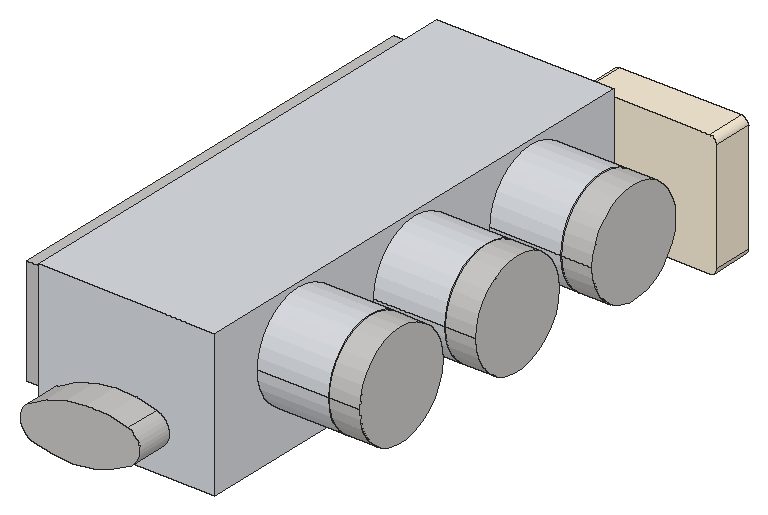
Revit family "HVAC_Ductwork_Airzone_Motorized-Plenum_Samsung_Low-Profile_3-Dampers", category Mechanical Equipment, Revit 2016
Family settings
  Part Type = Normal
  Round Connector Dimension = Use Diameter
  OmniClass Number = 23.75.70.14
  OmniClass Title = Air Ductwork
  Work Plane-Based = No
  Always vertical = Yes
  Cut with Voids When Loaded = No
  Shared = No
  Room Calculation Point = No
Parameters (values of type "SAMSL03S3")
  Voltage = 230 V
  URL = "www.airzone.es"
  Type Image Comments = "Image available in product documentation download"  # constant formula
  Revit Model Version = "1.0"  # constant formula
  Revit Model Author URL = "www.a3d.es"
  Revit Model Author = "A3D Consulting"  # constant formula
  Product Documentation Download URL = "http://doc.airzone.es/BIM/Easyzone/Samsung-Airzone_motorized_plenum.zip"
  Product Comments = "Refer to technical documentation for further details"  # constant formula
  Power Factor = 1
  Neck Width = 663.600 mm
  Neck Length = 40.000 mm
  Neck Height = 155.600 mm
  Material = Metal - AIRZONE - Galvanized Sheet - Semi-polished
  Main Control Board Material = Plastic - AIRZONE - Smooth - Off-white
  Load Classification = Other
  Insulated Body Width = 255.000 mm  # constant formula
  Insulated Body Material = Metal -AIRZONE - Insulating Lining -Aluminum Finish
  Insulated Body Length = 720.000 mm  # constant formula
  Insulated Body Height = 210.000 mm  # constant formula
  Flow [instance] = Damper 3 Air Flow + Damper 2 Air Flow + Damper 1 Air Flow - Fresh Air Inlet 2 Flow - Fresh Air Inlet 1 Flow  # 900 m³/h
  Fresh Air Inlet 1 Flow [instance] = 0 m³/h
  Fresh Air Inlet 2 Flow [instance] = 0 m³/h
  Fresh Air Inlet Connection Width = 175.000 mm
  Fresh Air Inlet Connection Height = 75.000 mm
  Model = "SAMSL03S3"
  Neck Side Offset = 28.200 mm
  Neck Bottom Offset = 32.700 mm
  Type Image = <None>
  Manufacturer = "AIRZONE"  # constant formula
  Main Control Board Depth = 57.000 mm  # constant formula
  Main Control Board Width = 195.000 mm  # constant formula
  Main Control Board Height = 180.000 mm  # constant formula
  Fixing = ""
  Disclaimer = "All information provided in this model is reviewed before being published. However, Airzone cannot guarantee this model is error-free, therefore users are strongly encouraged to check for technical documentation and updates"  # constant formula
  Description = "Airzone low profile motorized plenum with neck that mechanically adapts to the main ducted AC units of Samsung."
  Type Comments = ""
  Dampers Length = 149.000 mm  # constant formula
  Dampers Diameter = 150.000 mm  # constant formula
  Damper 1 Air Flow [instance] = 300 m³/h
  Damper 2 Air Flow [instance] = 300 m³/h
  Damper 3 Air Flow [instance] = 300 m³/h
  Fresh Air Inlet Connection Offset Height = 48.305 mm  # constant formula
  Compatible Accesories = ""
  Apparent Load = 57.5 VA
Reference planes
  plane 1 "Center (Front/Back)": y = 0
  plane 2 "Center (Elevation)": z = 0
  plane 3 "Center (Left/Right)": x = 0
  plane 4 "Neck Back": y = 331.8
  plane 5 "Neck Front": y = -331.8
  plane 6 "Neck Top": z = 77.8
  plane 7 "Neck Bottom": z = -77.8
  plane 8 "Left": x = 40
  plane 9 "Bottom": z = -110.5
  plane 10 "Top": z = 99.5
  plane 11 "Front": y = -360
  plane 12 "Back": y = 360
  plane 13 "Right": x = 295
  plane 14 "Dampers Front": x = 444
  plane 15 "Dampers Center (Elevation)": z = 19.5
  plane 16 "Damper3": y = -210
  plane 17 "Damper2": y = 0
  plane 18 "Damper1": y = 210
  plane 19 "Middle": y = 0
  plane 20 "FreshAir Center (Elevation)": z = -62.195
  plane 21 "FreshAir1": y = 412.5
  plane 22 "FreshAir2": y = -412.5
  plane 23 "Dampers Lining": x = 399
  plane 24 "FreshAir Vertical Axis": x = 142.04
  plane 25 "ConnectionBox Side": x = 249
  plane 26 "Main Control Board Center (Left/Right)": x = 346.5
Forms (mm)
  Extrusion 1, solid, material "Metal - AIRZONE - Galvanized Sheet - Semi-polished" <- "Material"
    sketch origin (0, 0, 0) x (0, 1, 0) y (0, 0, 1)
      loop
        line (-331.8, 77.8) -> (-331.8, -77.8) -> (331.8, -77.8) -> (331.8, 77.8) -> (-331.8, 77.8)
    from 0 to 40
  Extrusion 2, solid, material "Metal -AIRZONE - Insulating Lining -Aluminum Finish" <- "Insulated Body Material"
    sketch origin (40, 0, 0) x (0, 1, 0) y (0, 0, 1)
      loop
        line (-360, 99.5) -> (-360, -110.5) -> (360, -110.5) -> (360, 99.5) -> (-360, 99.5)
    from 0 to 255
  Extrusion 3, solid, material "Metal - AIRZONE - Galvanized Sheet - Semi-polished" <- "Material"
    sketch origin (295, 0, 0) x (0, 1, 0) y (0, 0, 1)
      loop
        circle (-210, 19.5) r 75
    from 104 to 149
  Extrusion 4, solid, material "Metal - AIRZONE - Galvanized Sheet - Semi-polished" <- "Material"
    sketch origin (295, 0, 0) x (0, 1, 0) y (0, 0, 1)
      loop
        circle (0, 19.5) r 75
    from 104 to 149
  Extrusion 5, solid, material "Metal - AIRZONE - Galvanized Sheet - Semi-polished" <- "Material"
    sketch origin (295, 0, 0) x (0, 1, 0) y (0, 0, 1)
      loop
        circle (210, 19.5) r 75
    from 104 to 149
  Extrusion 6, solid, material "Metal - AIRZONE - Galvanized Sheet - Semi-polished" <- "Material"
    sketch origin (0, -360, 0) x (0, 0, 1) y (1, 0, 0)
      loop
        arc (-29.641, 211.414) -> (-51.108, 228.315) -> (-75.812, 216.644) r 25.96
        arc (-75.812, 216.644) -> (-101.802, 146.808) -> (-94.349, 72.666) r 164.67
        arc (-94.349, 72.666) -> (-73.165, 55.799) -> (-48.494, 66.961) r 25.96
        arc (-48.494, 66.961) -> (-22.225, 136.99) -> (-29.641, 211.414) r 164.67
    from 0 to -52.5
  Extrusion 7, solid, material "Metal - AIRZONE - Galvanized Sheet - Semi-polished" <- "Material"
    sketch origin (0, 360, 0) x (0, 0, 1) y (1, 0, 0)
      loop
        arc (-29.641, 211.414) -> (-50.825, 228.281) -> (-75.496, 217.119) r 25.96
        arc (-75.496, 217.119) -> (-101.679, 147.74) -> (-94.767, 73.909) r 164.67
        arc (-94.767, 73.909) -> (-73.532, 55.847) -> (-48.178, 67.436) r 25.96
        arc (-48.178, 67.436) -> (-22.188, 137.272) -> (-29.641, 211.414) r 164.67
    from 0 to 52.5
  Extrusion 8, solid, material "Metal -AIRZONE - Insulating Lining -Aluminum Finish" <- "Insulated Body Material"
    sketch origin (295, 0, 0) x (0, 1, 0) y (0, 0, 1)
      loop
        circle (210, 19.5) r 75
    from 0 to 104
  Extrusion 9, solid, material "Metal -AIRZONE - Insulating Lining -Aluminum Finish" <- "Insulated Body Material"
    sketch origin (295, -260, 0) x (0, 1, 0) y (0, 0, 1)
      loop
        circle (260, 19.5) r 75
    from 0 to 104
  Extrusion 10, solid, material "Metal -AIRZONE - Insulating Lining -Aluminum Finish" <- "Insulated Body Material"
    sketch origin (295, -520, 0) x (0, 1, 0) y (0, 0, 1)
      loop
        circle (310, 19.5) r 75
    from 0 to 104
Lines and regions (mm)
  Masking region 1
    outline origin (0, 0, 0) x (1, 0, 0) y (0, 1, 0)
      loop
        line (40, 360) -> (40, -360) -> (295, -360) -> (295, 360) -> (40, 360)
  Masking region 2, detail levels medium+fine
    outline origin (0, 0, 0) x (1, 0, 0) y (0, 1, 0)
      loop
        line (0, 331.8) -> (0, -331.8) -> (40, -331.8) -> (40, 331.8) -> (0, 331.8)
  Masking region 3, detail levels medium+fine
    outline origin (0, 0, 0) x (1, 0, 0) y (0, 1, 0)
      loop
        line (295, -135) -> (295, -285) -> (444, -285) -> (444, -135) -> (295, -135)
  Masking region 4, detail levels medium+fine
    outline origin (0, 260, 0) x (1, 0, 0) y (0, 1, 0)
      loop
        line (295, -185) -> (295, -335) -> (444, -335) -> (444, -185) -> (295, -185)
  Masking region 5, detail levels medium+fine
    outline origin (0, 520, 0) x (1, 0, 0) y (0, 1, 0)
      loop
        line (295, -235) -> (295, -385) -> (444, -385) -> (444, -235) -> (295, -235)
  Masking region 6, detail levels medium+fine
    outline origin (0, 0, -62.195) x (1, 0, 0) y (0, 1, 0)
      loop
        line (54.54, 412.5) -> (54.54, 360) -> (229.54, 360) -> (229.54, 412.5) -> (54.54, 412.5)
  Masking region 7, detail levels medium+fine
    outline origin (0, 0, -62.195) x (1, 0, 0) y (0, 1, 0)
      loop
        line (54.54, -360) -> (54.54, -412.5) -> (229.54, -412.5) -> (229.54, -360) -> (54.54, -360)
  Masking region 8, detail levels medium+fine
    outline origin (0, 0, 99.5) x (0, -1, 0) y (1, 0, 0)
      loop
        line (-417, 249) -> (-360, 249) -> (-360, 444) -> (-417, 444) -> (-417, 249)
  symbolic lines, detail levels coarse
    curve 1: line (40, -360, 0) -> (295, 0, 0)
    curve 2: line (295, 0, 0) -> (40, 360, 0)
Dimensions and locks
  equal spacing: plane 4 "Neck Back", plane 1 "Center (Front/Back)", plane 5 "Neck Front"
  "Neck Width": plane 4 "Neck Back" to plane 5 "Neck Front"
  equal spacing: plane 6 "Neck Top", level, plane 7 "Neck Bottom"
  "Neck Height": plane 6 "Neck Top" to plane 7 "Neck Bottom"
  "Neck Length": plane 3 "Center (Left/Right)" to plane 8 "Left"
  "Neck Bottom Offset": plane 7 "Neck Bottom" to plane 9 "Bottom"
  "Insulated Body Height": plane 10 "Top" to plane 9 "Bottom"
  "Insulated Body Length": plane 12 "Back" to plane 11 "Front"
  "Insulated Body Width": plane 8 "Left" to plane 13 "Right"
  "Dampers Length": plane 13 "Right" to plane 14 "Dampers Front"
  plane 18 "Damper1" to plane 17 "Damper2" to plane 16 "Damper3" = 210.000 mm locked, 210.000 mm locked
  equal spacing: plane 12 "Back", plane 19 "Middle", plane 11 "Front"
  plane 8 "Left" to plane 13 "Right" = 255.000 mm
  "Fresh Air Inlet Connection Offset Height": plane 20 "FreshAir Center (Elevation)" to plane 9 "Bottom"
  locked: Extrusion 6 sketch curve to plane 9 "Bottom" at 56.47
  locked: Extrusion 6 sketch curve to plane 8 "Left" at 162.52
  locked: Extrusion 6 sketch curve to plane 8 "Left" at 41.56
  locked: Extrusion 6 sketch curve to plane 9 "Bottom" at 40.54
  locked: Extrusion 6 sketch curve to plane 8 "Left" at 118.3
  locked: plane 9 "Bottom" to Extrusion 6 sketch curve at 75.01
  locked: Extrusion 6 sketch curve to plane 8 "Left" at 85.78
  locked: Extrusion 6 sketch curve to plane 9 "Bottom" at 172.02
  locked: Extrusion 7 sketch curve to plane 8 "Left" at 162.52
  locked: Extrusion 7 sketch curve to plane 9 "Bottom" at 56.47
  locked: Extrusion 7 sketch curve to plane 9 "Bottom" at 40.54
  locked: Extrusion 7 sketch curve to plane 8 "Left" at 41.56
  locked: Extrusion 7 sketch curve to plane 8 "Left" at 85.78
  locked: Extrusion 7 sketch curve to plane 9 "Bottom" at 172.02
  locked: plane 9 "Bottom" to Extrusion 7 sketch curve at 75.01
  locked: Extrusion 7 sketch curve to plane 8 "Left" at 118.3
  "Neck Side Offset": plane 12 "Back" to plane 4 "Neck Back"
  equal spacing: plane 12 "Back", plane 17 "Damper2", plane 11 "Front"
  locked: plane 21 "FreshAir1" to plane 12 "Back" at 52.5
  plane 11 "Front" to plane 22 "FreshAir2" = 52.500 mm
  locked: connector elem to plane 24 "FreshAir Vertical Axis"  (x2)
  locked: plane 20 "FreshAir Center (Elevation)" to connector elem at 0
  locked: connector elem to plane 20 "FreshAir Center (Elevation)"
  locked: plane 23 "Dampers Lining" to plane 14 "Dampers Front" at 45
  locked: plane 8 "Left" to plane 24 "FreshAir Vertical Axis" at 102.04
  equal spacing: Masking region 3 sketch curve, plane 16 "Damper3", Masking region 3 sketch curve
  "Dampers Diameter": Masking region 3 sketch curve to Masking region 3 sketch curve
  equal spacing: Masking region 4 sketch curve, plane 17 "Damper2", Masking region 4 sketch curve
  "Dampers Diameter": Masking region 4 sketch curve to Masking region 4 sketch curve
  equal spacing: Masking region 5 sketch curve, plane 18 "Damper1", Masking region 5 sketch curve
  "Dampers Diameter": Masking region 5 sketch curve to Masking region 5 sketch curve
  equal spacing: Masking region 6 sketch curve, plane 24 "FreshAir Vertical Axis", Masking region 6 sketch curve
  "Fresh Air Inlet Connection Width": Masking region 6 sketch curve to Masking region 6 sketch curve
  equal spacing: Masking region 7 sketch curve, plane 24 "FreshAir Vertical Axis", Masking region 7 sketch curve
  "Fresh Air Inlet Connection Width": Masking region 7 sketch curve to Masking region 7 sketch curve
  "Main Control Board Depth": Masking region 8 sketch curve to plane 12 "Back"
  "Main Control Board Width": plane 25 "ConnectionBox Side" to plane 14 "Dampers Front"
  equal spacing: plane 25 "ConnectionBox Side", plane 26 "Main Control Board Center (Left/Right)", plane 14 "Dampers Front"
  locked: nested 1 to plane 10 "Top" at 10
  locked: plane 10 "Top" to plane 15 "Dampers Center (Elevation)" at 80
  "Dampers Diameter": diameter of Extrusion 3 sketch curve
  "Dampers Diameter": diameter of Extrusion 4 sketch curve
  "Dampers Diameter": diameter of Extrusion 5 sketch curve
  radius of Extrusion 7 sketch curve = 164.670 mm  (x2)
  radius of Extrusion 7 sketch curve = 25.960 mm  (x2)
  radius of Extrusion 6 sketch curve = 164.670 mm  (x2)
  radius of Extrusion 6 sketch curve = 25.960 mm  (x2)
  "Dampers Diameter": diameter of Extrusion 8 sketch curve
  "Dampers Diameter": diameter of Extrusion 9 sketch curve
  "Dampers Diameter": diameter of Extrusion 10 sketch curve
  aligned and locked: level to plane 2 "Center (Elevation)"
  aligned and locked: plane 5 "Neck Front" to Extrusion 1 sketch curve
  aligned and locked: Extrusion 1 sketch curve to plane 6 "Neck Top"
  aligned and locked: Extrusion 1 sketch curve to plane 4 "Neck Back"
  aligned and locked: plane 7 "Neck Bottom" to Extrusion 1 sketch curve
  aligned and locked: Extrusion 1 to plane 3 "Center (Left/Right)"
  aligned and locked: Extrusion 2 sketch curve to plane 10 "Top"
  aligned and locked: Extrusion 2 sketch curve to plane 12 "Back"
  aligned and locked: plane 9 "Bottom" to Extrusion 2 sketch curve
  aligned and locked: plane 11 "Front" to Extrusion 2 sketch curve
  aligned and locked: plane 13 "Right" to Extrusion 2
  aligned and locked: Extrusion 2 to plane 8 "Left"
  aligned and locked: plane 16 "Damper3" to Extrusion 3 sketch curve
  aligned and locked: plane 15 "Dampers Center (Elevation)" to Extrusion 3 sketch curve
  aligned and locked: plane 17 "Damper2" to Extrusion 4 sketch curve
  aligned and locked: plane 15 "Dampers Center (Elevation)" to Extrusion 4 sketch curve
  aligned and locked: plane 18 "Damper1" to Extrusion 5 sketch curve
  aligned and locked: plane 15 "Dampers Center (Elevation)" to Extrusion 5 sketch curve
  aligned and locked: plane 14 "Dampers Front" to Extrusion 5
  aligned and locked: plane 14 "Dampers Front" to Extrusion 4
  aligned and locked: plane 14 "Dampers Front" to Extrusion 3
  aligned and locked: plane 8 "Left" to Extrusion 1
  aligned and locked: plane 22 "FreshAir2" to Extrusion 6
  aligned and locked: plane 21 "FreshAir1" to Extrusion 7
  aligned and locked: Extrusion 7 to plane 12 "Back"
  aligned and locked: plane 11 "Front" to Extrusion 6
  aligned and locked: Extrusion 5 to plane 23 "Dampers Lining"
  aligned and locked: Extrusion 5 to Extrusion 4
  aligned and locked: Extrusion 4 to Extrusion 3
  aligned and locked: plane 23 "Dampers Lining" to Extrusion 8
  aligned and locked: Extrusion 10 to plane 13 "Right"
  aligned and locked: plane 23 "Dampers Lining" to Extrusion 10
  aligned and locked: Extrusion 9 to plane 13 "Right"
  aligned and locked: plane 23 "Dampers Lining" to Extrusion 9
  aligned and locked: Extrusion 8 to plane 13 "Right"
  aligned and locked: Extrusion 9 to Extrusion 8
  aligned and locked: plane 18 "Damper1" to Extrusion 8 sketch curve
  aligned and locked: plane 15 "Dampers Center (Elevation)" to Extrusion 8 sketch curve
  aligned and locked: plane 17 "Damper2" to Extrusion 9 sketch curve
  aligned and locked: plane 15 "Dampers Center (Elevation)" to Extrusion 9 sketch curve
  aligned and locked: plane 16 "Damper3" to Extrusion 10 sketch curve
  aligned and locked: plane 15 "Dampers Center (Elevation)" to Extrusion 10 sketch curve
  aligned and locked: Masking region 1 sketch curve to plane 12 "Back"
  aligned and locked: plane 8 "Left" to Masking region 1 sketch curve
  aligned and locked: Masking region 1 sketch curve to plane 13 "Right"
  aligned and locked: plane 11 "Front" to Masking region 1 sketch curve
  aligned and locked: plane 5 "Neck Front" to Masking region 2 sketch curve
  aligned and locked: plane 3 "Center (Left/Right)" to Masking region 2 sketch curve
  aligned and locked: Masking region 2 sketch curve to plane 4 "Neck Back"
  aligned and locked: Masking region 2 sketch curve to plane 8 "Left"
  aligned and locked: plane 13 "Right" to Masking region 3 sketch curve
  aligned and locked: Masking region 3 sketch curve to plane 14 "Dampers Front"
  aligned and locked: plane 13 "Right" to Masking region 4 sketch curve
  aligned and locked: Masking region 4 sketch curve to plane 14 "Dampers Front"
  aligned and locked: plane 13 "Right" to Masking region 5 sketch curve
  aligned and locked: Masking region 5 sketch curve to plane 14 "Dampers Front"
  aligned and locked: plane 12 "Back" to Masking region 6 sketch curve
  aligned and locked: Masking region 6 sketch curve to plane 21 "FreshAir1"
  aligned and locked: Masking region 7 sketch curve to plane 11 "Front"
  aligned and locked: Masking region 7 sketch curve to plane 22 "FreshAir2"
  aligned and locked: plane 12 "Back" to Masking region 8 sketch curve
  aligned and locked: Masking region 8 sketch curve to plane 14 "Dampers Front"
  aligned and locked: plane 25 "ConnectionBox Side" to Masking region 8 sketch curve
  aligned and locked: nested 1 to plane 26 "Main Control Board Center (Left/Right)"
Automatic sketch dimensions
  curve 2 to plane 8 "Left" = 0.000 mm
  curve 1 to plane 8 "Left" = 0.000 mm
  curve 1 to plane 13 "Right" = 0.000 mm
  curve 1 to plane 11 "Front" = 0.000 mm
  curve 2 to plane 17 "Damper2" = 0.000 mm
  curve 2 to plane 12 "Back" = 0.000 mm
Nested families
  nested 1: "Airzone_Main-Control-Board" at (346.5, 360, -0.5) x (-1, 0, 0) z (0, 1, 0), Extrusion <- "Main Control Board Depth", Height <- "Main Control Board Height", Width <- "Main Control Board Width", Material <- "Main Control Board Material", type "Standard"
    with Width 195.000 mm, Material Plastic - AIRZONE - Smooth - Off-white, Height 180.000 mm, Extrusion 57.000 mm
Connectors
  hvac at (444, -210, 19.5), driven by "Damper 3 Air Flow", driven by "Dampers Diameter"
    settings: on Extrusion 3, index 1, duct flow 300 m³/h, flow factor 0, pres drop 0.0 Pa, loss coef 0, conn angle 0.00°, conn width 304.8 mm, conn height 304.8 mm, conn diameter 150 mm, duct sys type 1, conn prof type 0, flow config 0, flow direction 2, loss method 0, conn ref index -1, conn util no, is conn primary no, conn desc "Supply Air Out 3"
  hvac at (444, 0, 19.5), driven by "Damper 2 Air Flow", driven by "Dampers Diameter"
    settings: on Extrusion 4, index 2, duct flow 300 m³/h, flow factor 0, pres drop 0.0 Pa, loss coef 0, conn angle 0.00°, conn width 304.8 mm, conn height 304.8 mm, conn diameter 150 mm, duct sys type 1, conn prof type 0, flow config 0, flow direction 2, loss method 0, conn ref index -1, conn util no, is conn primary no, conn desc "Supply Air Out 2"
  hvac at (444, 210, 19.5), driven by "Damper 1 Air Flow", driven by "Dampers Diameter"
    settings: on Extrusion 5, index 3, duct flow 300 m³/h, flow factor 0, pres drop 0.0 Pa, loss coef 0, conn angle 0.00°, conn width 304.8 mm, conn height 304.8 mm, conn diameter 150 mm, duct sys type 1, conn prof type 0, flow config 0, flow direction 2, loss method 0, conn ref index -1, conn util no, is conn primary no, conn desc "Supply Air Out 1"
  hvac at (0, 0, 0), driven by "Flow", driven by "Neck Height", driven by "Neck Width"
    settings: on Extrusion 1, index 6, duct flow 900 m³/h, flow factor 0, pres drop 0.0 Pa, loss coef 0, conn angle 0.00°, conn width 663.6 mm, conn height 155.6 mm, conn diameter 609.6 mm, duct sys type 1, conn prof type 1, flow config 1, flow direction 1, loss method 0, conn ref index -1, conn util no, is conn primary yes, conn desc "Supply Air In"
  hvac at (142.04, -412.5, -62.195), driven by "Fresh Air Inlet 2 Flow", driven by "Fresh Air Inlet Connection Width", driven by "Fresh Air Inlet Connection Height"
    settings: index 7, duct flow 0 m³/h, flow factor 0, pres drop 0.0 Pa, loss coef 0, conn angle 0.00°, conn width 175 mm, conn height 75 mm, conn diameter 609.6 mm, duct sys type 1, conn prof type 2, flow config 1, flow direction 1, loss method 0, conn ref index -1, conn util no, is conn primary no, conn desc "Fresh Air In 2"
  hvac at (142.04, 412.5, -62.195), driven by "Fresh Air Inlet 1 Flow", driven by "Fresh Air Inlet Connection Height", driven by "Fresh Air Inlet Connection Width"
    settings: index 8, duct flow 0 m³/h, flow factor 0, pres drop 0.0 Pa, loss coef 0, conn angle 0.00°, conn width 175 mm, conn height 75 mm, conn diameter 609.6 mm, duct sys type 1, conn prof type 2, flow config 1, flow direction 1, loss method 0, conn ref index -1, conn util no, is conn primary no, conn desc "Fresh Air In 1"
  electrical at (346.5, 417, -0.5), driven by "Load Classification", driven by "Voltage", driven by "Apparent Load", driven by "Power Factor"
    settings: on nested 1, index 9, voltage 230 V, apparent load 57.5 VA, apparent load phase1 0 VA, apparent load phase2 0 VA, apparent load phase3 0 VA, power factor 1, load classification "Other", number of poles 1, system type 30, power factor state 1, is connector primary yes, connector utility no, sub classification motor no, connector description "Power Supply"
Definition of nested family "Airzone_Main-Control-Board"
  Parameters (values of type "Standard")
    Width [instance] = 195.000 mm
    URL = "www.airzone.es"
    Revit Model Version = "1.0"  # constant formula
    Revit Model Author URL = "www.a3d.es"
    Revit Model Author = "A3D Consulting"  # constant formula
    Material [instance] = none
    Manufacturer = "AIRZONE"  # constant formula
    Height [instance] = 180.000 mm
    Extrusion [instance] = 57.000 mm
    Default Elevation = 0.000 mm
  Reference planes
    plane 1 "Center (Front/Back)": y = 0
    plane 2: z = 0
    plane 3 "Center (Left/Right)": x = 0
    plane 4: y = 90
    plane 5: y = -90
    plane 6: x = 97.5
    plane 7: x = -97.5
  Forms (mm)
    Extrusion 1, solid, material <- "Material"
      sketch origin (0, 0, 0) x (1, 0, 0) y (0, 1, 0)
        loop
          arc (-87.5, 90) -> (-94.571, 87.071) -> (-97.5, 80) r 10
          line (-97.5, 80) -> (-97.5, -80)
          arc (-97.5, -80) -> (-94.571, -87.071) -> (-87.5, -90) r 10
          line (-87.5, -90) -> (87.5, -90)
          arc (87.5, -90) -> (94.571, -87.071) -> (97.5, -80) r 10
          line (97.5, -80) -> (97.5, 80)
          arc (97.5, 80) -> (94.571, 87.071) -> (87.5, 90) r 10
          line (87.5, 90) -> (-87.5, 90)
      from 0 to 57 <- "Extrusion"
  Dimensions and locks
    equal spacing: plane 7, plane 3 "Center (Left/Right)", plane 6
    equal spacing: plane 4, plane 1 "Center (Front/Back)", plane 5
    "Width": plane 7 to plane 6
    "Height": plane 4 to plane 5
    radius of Extrusion 1 sketch curve = 10.000 mm  (x4)
    aligned and locked: level to plane 2
    aligned and locked: plane 5 to Extrusion 1 sketch curve
    aligned and locked: Extrusion 1 sketch curve to plane 6
    aligned and locked: Extrusion 1 sketch curve to plane 4
    aligned and locked: plane 7 to Extrusion 1 sketch curve
